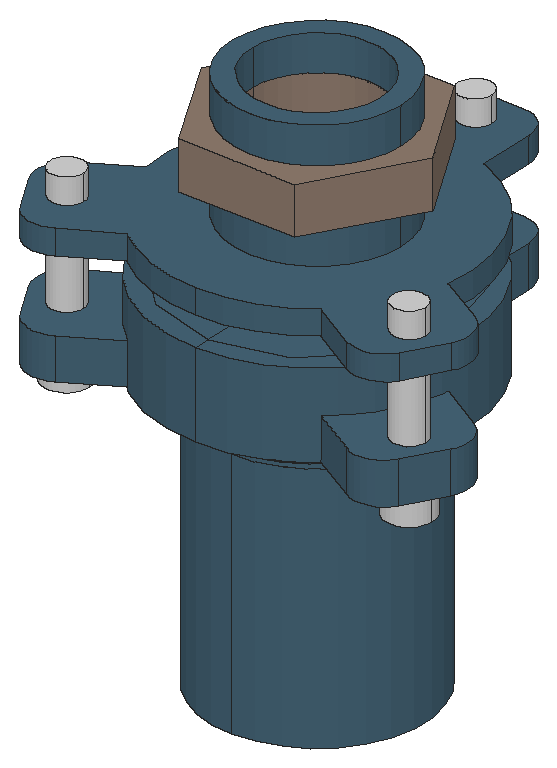
Revit family "Drain_Vertical_Expansion_Joint-Zurn-Z190", category Plumbing Fixtures, Revit 2022
Family settings
  Round Connector Dimension = Use Radius
  Part Type = Normal
  OmniClass Number = 23.45.55.21
  OmniClass Title = Drains (Wastes)
  Work Plane-Based = No
  Always vertical = Yes
  Cut with Voids When Loaded = No
  Maintain Annotation Orientation = No
  Shared = No
  Room Calculation Point = No
Parameters (values of type "Load Family Type Catalog")
  y [instance] = Nominal Diameter_A + 1.10236"  # 3.10236"
  x [instance] = Nominal Diameter_A + 0.55118"  # 2.55118"
  Waste Connection = 1 = 1  # yes
  WFU = 1  # constant formula
  Vent Connection = 1 = 0  # no
  URL = "www.zurn.com"
  Type Comments = "Z190-2 Inch-Threaded Outlet"
  Sleeve = Bronze - Zurn - Polished
  Screw = Stainless Steel_Zurn_Polished
  Product Installation Sheet = "https://files.zurn.com/care-cleaning-install-warranty-sheets/rd84.pdf"
  Outlet Connector [instance] = A1 + 0.276"  # 1.276"
  Modified Date = "11/21/2025"  # constant formula
  Manufacturer Brand = "Zurn"  # constant formula
  Main Material = Iron - Zurn - Cast - Painted - Blue
  Inlet Connector = Nominal Diameter_A / 2  # 1.000"
  Height B [instance] = if(and(Nominal Diameter_A = 2.000", Enter_Value_Range_of_Height_B > 8.500"), 8.500", if(and(Nominal Diameter_A = 2.000", Enter_Value_Range_of_Height_B < 6.500"), 6.500", if(and(Nominal Diameter_A = 3.000", Enter_Value_Range_of_Height_B > 8.500"), 8.500", if(and(Nominal Diameter_A = 3.000", Enter_Value_Range_of_Height_B < 6.500"), 6.500", if(and(Nominal Diameter_A = 4.000", Enter_Value_Range_of_Height_B > 8.500"), 8.500", if(and(Nominal Diameter_A = 4.000", Enter_Value_Range_of_Height_B < 6.500"), 6.500", if(and(Nominal Diameter_A = 6.000", Enter_Value_Range_of_Height_B > 8.625"), 8.625", if(and(Nominal Diameter_A = 6.000", Enter_Value_Range_of_Height_B < 6.875"), 6.875", if(and(Nominal Diameter_A = 8.000", Enter_Value_Range_of_Height_B > 10.875"), 10.875", if(and(Nominal Diameter_A = 8.000", Enter_Value_Range_of_Height_B < 7.875"), 7.875", if(and(Nominal Diameter_A = 10.000", Enter_Value_Range_of_Height_B > 10.875"), 10.875", if(and(Nominal Diameter_A = 10.000", Enter_Value_Range_of_Height_B < 7.875"), 7.875", Enter_Value_Range_of_Height_B))))))))))))  # 6.500"
  Product data url = "https://www.bimobject.com/en/zurnindustries/product/zurn-z190"
  Product Page URL = "https://www.zurn.com/products/drainage-interceptors/roof-drains/primary-roof-drains/z190"
  Product Documentation Link = "https://files.zurn.com/spec-sheets/z190.pdf"
  O1 = 1.37795"
  O = 2.35827"
  Model = "Z190"  # constant formula
  Manufacturer = "Zurn Water, LLC"  # constant formula
  L1 = 2.03937"
  L = 1.19685"
  K [instance] = Diameter F + 0.07874"  # 2.82874"
  I [instance] = Nominal Diameter_A - 1.41732"  # 0.58268"
  HWFU = 0  # constant formula
  HW Connection = 1 = 0  # no
  Enter_Value_Range_of_Height_B [instance] = 6.500"
  Diameter F [instance] = if(Nominal Diameter_A = 2.000", 2.750", if(Nominal Diameter_A = 3.000", 3.250", if(Nominal Diameter_A = 4.000", 3.750", if(Nominal Diameter_A = 6.000", 5.000", if(Nominal Diameter_A = 8.000", 6.000", if(Nominal Diameter_A = 10.000", 6.875", 6.000"))))))  # 2.750"
  Height D [instance] = if(Nominal Diameter_A = 2.000", 5.000", if(Nominal Diameter_A = 3.000", 5.000", if(Nominal Diameter_A = 4.000", 4.750", if(Nominal Diameter_A = 6.000", 5.000", if(Nominal Diameter_A = 8.000", 5.000", if(Nominal Diameter_A = 10.000", 6.000", 5.000"))))))  # 5.000"
  Description = "VERTICAL EXPANSION JOINT"  # constant formula
  Default Elevation = 25.000"  # constant formula
  Date Created = "11/13/2018"  # constant formula
  CWFU = 0  # constant formula
  CW Connection = 1 = 0  # no
  C1 [instance] = Diameter C / 2  # 1.8125"
  Diameter C [instance] = if(Nominal Diameter_A = 2.000", 3.625", if(Nominal Diameter_A = 3.000", 4.625", if(Nominal Diameter_A = 4.000", 5.500", if(Nominal Diameter_A = 6.000", 7.875", if(Nominal Diameter_A = 8.000", 9.875", if(Nominal Diameter_A = 10.000", 11.750", 9.000"))))))  # 3.625"
  Assembly Code = "D2040100"
  Approx.Wt. Lbs = "8"
  A3 [instance] = A1 - 0.23622"  # 0.76378"
  A2 [instance] = A1 + 0.27559"  # 1.27559"
  A1 [instance] = Nominal Diameter_A / 2  # 1.000"
  Nominal Diameter_A = 2.000"
  8 = no
  6 = no
  4 = no
  3 = no
  2 = yes
  10 = no
Reference planes (in)
  plane 1 "Center (Front/Back)": y = 0
  plane 2: z = 0
  plane 3 "Center (Left/Right)": x = 0
  plane 4: z = 1.5
  plane 5: z = -5
  plane 6: x = 2.03937
  plane 7: x = -2.03937
  plane 8: y = -1
  plane 9: y = 1
  plane 10: z = 0.71955
  plane 11: x = -1.27559
  plane 12: x = 1.27559
  plane 13: y = 1.27559
  plane 14: y = -1.27559
  plane 15: z = 0.29553
Forms (in)
  Sweep 1, solid, material "Iron - Zurn - Cast - Painted - Blue" <- "Main Material", detail levels fine
    path origin (0, 0, 0) x (0, 1, 0) y (0, 0, 1)
      loop
        line (0, -5) -> (0, -2.0148)
    profile origin (0, 0, -3.5074) x (0, -1, 0) y (1, 0, 0)
      loop
        circle (0, 0) r 1.27559
      loop
        circle (0, 0) r 1
  Sweep 2, solid, material "Iron - Zurn - Cast - Painted - Blue" <- "Main Material", detail levels fine
    path origin (0, 0, 0) x (0, 1, 0) y (0, 0, 1)
      loop
        line (0, 1.5) -> (0, -3.22265)
    profile origin (0, 0, -0.86132) x (1, 0, 0) y (0, 1, 0)
      loop
        circle (0, 0) r 1
      loop
        circle (0, 0) r 0.76378
  Revolve 3, solid, material "Iron - Zurn - Cast - Painted - Blue" <- "Main Material", detail levels fine
    sketch origin (0, 0, 0) x (0, 1, 0) y (0, 0, 1)
      loop
        line (1.8125, -0.6398) -> (1.625, -0.6398) -> (0.87463, -0.6398) -> (0.87463, -0.29452) -> (1.8125, -0.29452) -> (1.8125, 0) -> (0.87463, 0) -> (0.76378, 0) -> (0.76378, -0.7874) -> (1.625, -0.7874) -> (1.625, -1.6398) -> (1, -2.0148) -> (1, -2.11831) -> (1.27559, -2.11831) -> (1.27559, -1.96287) -> (1.8125, -1.65) -> (1.8125, -0.6398)
      axis (0, 0) -> (0, -2.11831)
    angle from 0 to 360
  Extrusion 4, solid, material "Iron - Zurn - Cast - Painted - Blue" <- "Main Material", detail levels fine
    sketch origin (0, 0, 0) x (1, 0, 0) y (0, 1, 0)
      loop
        line (-0.64919, 2.375) -> (-0.64919, 1.69225)
        arc (-0.64919, 1.69225) -> (-0.01276, 1.81246) -> (0.6253, 1.70122) r 1.8125
        line (0.6253, 1.70122) -> (0.6253, 2.375)
        arc (0.6253, 2.375) -> (0.51547, 2.64017) -> (0.2503, 2.75) r 0.375
        line (0.2503, 2.75) -> (-0.27419, 2.75)
        arc (-0.27419, 2.75) -> (-0.53935, 2.64017) -> (-0.64919, 2.375) r 0.375
    from -0.29452 to 0
  Extrusion 5, solid, material "Iron - Zurn - Cast - Painted - Blue" <- "Main Material", detail levels fine
    sketch origin (0, 0, 0) x (-0.5, -0.866025, 0) y (0.866025, -0.5, 0)
      loop
        line (-0.64919, 2.375) -> (-0.64919, 1.69225)
        arc (-0.64919, 1.69225) -> (-0.01276, 1.81246) -> (0.6253, 1.70122) r 1.8125
        line (0.6253, 1.70122) -> (0.6253, 2.375)
        arc (0.6253, 2.375) -> (0.51547, 2.64017) -> (0.2503, 2.75) r 0.375
        line (0.2503, 2.75) -> (-0.27419, 2.75)
        arc (-0.27419, 2.75) -> (-0.53935, 2.64017) -> (-0.64919, 2.375) r 0.375
    from -0.29452 to 0
  Extrusion 6, solid, material "Iron - Zurn - Cast - Painted - Blue" <- "Main Material", detail levels fine
    sketch origin (0, 0, 0) x (-0.5, 0.866025, 0) y (-0.866025, -0.5, 0)
      loop
        line (-0.64919, 2.375) -> (-0.64919, 1.69225)
        arc (-0.64919, 1.69225) -> (-0.01276, 1.81246) -> (0.6253, 1.70122) r 1.8125
        line (0.6253, 1.70122) -> (0.6253, 2.375)
        arc (0.6253, 2.375) -> (0.51547, 2.64017) -> (0.2503, 2.75) r 0.375
        line (0.2503, 2.75) -> (-0.27419, 2.75)
        arc (-0.27419, 2.75) -> (-0.53935, 2.64017) -> (-0.64919, 2.375) r 0.375
    from -0.29452 to 0
  Extrusion 7, solid, material "Iron - Zurn - Cast - Painted - Blue" <- "Main Material", detail levels fine
    sketch origin (0, 0, 0) x (1, 0, 0) y (0, 1, 0)
      loop
        line (0.2503, 2.75) -> (-0.27419, 2.75)
        arc (-0.27419, 2.75) -> (-0.53935, 2.64017) -> (-0.64919, 2.375) r 0.375
        line (-0.64919, 2.375) -> (-0.64919, 1.69225)
        arc (-0.64919, 1.69225) -> (-0.01276, 1.81246) -> (0.6253, 1.70122) r 1.8125
        line (0.6253, 1.70122) -> (0.6253, 2.375)
        arc (0.6253, 2.375) -> (0.51547, 2.64017) -> (0.2503, 2.75) r 0.375
    from -1.6398 to -1.1463
  Extrusion 8, solid, material "Iron - Zurn - Cast - Painted - Blue" <- "Main Material", detail levels fine
    sketch origin (0, 0, 0) x (-0.5, -0.866025, 0) y (0.866025, -0.5, 0)
      loop
        line (0.2503, 2.73262) -> (-0.27419, 2.73262)
        arc (-0.27419, 2.73262) -> (-0.53935, 2.62278) -> (-0.64919, 2.35762) r 0.375
        line (-0.64919, 2.35762) -> (-0.64919, 1.69225)
        arc (-0.64919, 1.69225) -> (-0.01276, 1.81246) -> (0.6253, 1.70122) r 1.8125
        line (0.6253, 1.70122) -> (0.6253, 2.35762)
        arc (0.6253, 2.35762) -> (0.51547, 2.62278) -> (0.2503, 2.73262) r 0.375
    from -1.6398 to -1.1463
  Extrusion 9, solid, material "Iron - Zurn - Cast - Painted - Blue" <- "Main Material", detail levels fine
    sketch origin (0, 0, 0) x (-0.5, 0.866025, 0) y (-0.866025, -0.5, 0)
      loop
        line (0.2503, 2.75) -> (-0.27419, 2.75)
        arc (-0.27419, 2.75) -> (-0.53935, 2.64017) -> (-0.64919, 2.375) r 0.375
        line (-0.64919, 2.375) -> (-0.64919, 1.69225)
        arc (-0.64919, 1.69225) -> (-0.01276, 1.81246) -> (0.6253, 1.70122) r 1.8125
        line (0.6253, 1.70122) -> (0.6253, 2.375)
        arc (0.6253, 2.375) -> (0.51547, 2.64017) -> (0.2503, 2.75) r 0.375
    from -1.6398 to -1.1463
  Extrusion 10, solid, material "Stainless Steel_Zurn_Polished" <- "Screw", detail levels fine
    sketch origin (0, 0, 0) x (1, 0, 0) y (0, 1, 0)
      loop
        circle (0, 2.3563) r 0.19685
      loop
        circle (2.0405, -1.17835) r 0.19685
      loop
        circle (-2.04061, -1.17815) r 0.19685
    from -1.1463 to 0.29553
  Extrusion 11, solid, material "Stainless Steel_Zurn_Polished" <- "Screw", detail levels fine
    sketch origin (0, 0, 0) x (1, 0, 0) y (0, 1, 0)
      loop
        circle (0, 2.3563) r 0.27884
      loop
        circle (-2.04061, -1.17815) r 0.27398
      loop
        circle (2.0405, -1.17835) r 0.27644
    from -1.96287 to -1.36493
Cuts and joins
  joined: Sweep 1, Revolve 3, Extrusion 4, Extrusion 5, Extrusion 6, Extrusion 7, Extrusion 8, Extrusion 9
Lines and regions (in)
  Masking region 1, detail levels fine
    outline origin (168, -25.52033, -5) x (0, -1, 0) y (1, 0, 0)
      loop
        line (-27.89533, -168.6487) -> (-27.21277, -168.6487)
        arc (-27.21277, -168.6487) -> (-26.41574, -169.57588) -> (-25.21125, -169.78595) r 1.8125
        line (-25.21125, -169.78595) -> (-24.87436, -170.36946)
        arc (-24.87436, -170.36946) -> (-24.64666, -170.54418) -> (-24.3621, -170.50672) r 0.375
        line (-24.3621, -170.50672) -> (-23.9083, -170.24472)
        arc (-23.9083, -170.24472) -> (-23.73358, -170.01702) -> (-23.77104, -169.73246) r 0.375
        line (-23.77104, -169.73246) -> (-24.11232, -169.14134)
        arc (-24.11232, -169.14134) -> (-23.70788, -167.9875) -> (-24.1282, -166.83935) r 1.8125
        line (-24.1282, -166.83935) -> (-23.79131, -166.25584)
        arc (-23.79131, -166.25584) -> (-23.75384, -165.97128) -> (-23.92857, -165.74358) r 0.375
        line (-23.92857, -165.74358) -> (-24.38236, -165.48158)
        arc (-24.38236, -165.48158) -> (-24.66692, -165.44412) -> (-24.89462, -165.61884) r 0.375
        line (-24.89462, -165.61884) -> (-25.23591, -166.20996)
        arc (-25.23591, -166.20996) -> (-26.43738, -166.43661) -> (-27.22156, -167.3747) r 1.8125
        line (-27.22156, -167.3747) -> (-27.89533, -167.3747)
        arc (-27.89533, -167.3747) -> (-28.1605, -167.48453) -> (-28.27033, -167.7497) r 0.375
        line (-28.27033, -167.7497) -> (-28.27033, -168.2737)
        arc (-28.27033, -168.2737) -> (-28.1605, -168.53886) -> (-27.89533, -168.6487) r 0.375
  reference lines
    curve 1: line (0, 0, 0) -> (-11.93342, -6.88976, 0)
  symbolic lines, detail levels fine
    curve 2: line (0, 0, -0.29452) -> (0, 1.55512, -0.29452)
  model lines, detail levels coarse+medium
    curve 3: line (0, 0, 1.5) -> (0, 0, -5)
    curve 4: line (-1.27559, 0, -5) -> (1.27559, 0, -5)
    curve 5: line (0, 1.27559, -5) -> (0, -1.27559, -5)
    curve 6: line (-1, 0, 1.5) -> (1, 0, 1.5)
    curve 7: line (0, 1, 1.5) -> (0, -1, 1.5)
Dimensions and locks (in)
  "Height D": level to plane 5
  plane 4 to plane 5 = 6.500"
  locked: level to Sweep 1 sketch curve at 2.0148
  locked: level to Sweep 2 sketch curve at 3.22265
  locked: level to Revolve 3 sketch curve at 0.6398
  locked: level to Revolve 3 sketch curve at 2.11831
  locked: level to Revolve 3 sketch curve at 2.0148
  locked: level to Revolve 3 sketch curve at 1.6398
  locked: level to Revolve 3 sketch curve at 1.65
  "C1": plane 1 "Center (Front/Back)" to Revolve 3 sketch curve  (x2)
  locked: Revolve 3 sketch curve to Revolve 3 sketch curve at 0.1875
  "A1": plane 1 "Center (Front/Back)" to Revolve 3 sketch curve
  locked: Revolve 3 sketch curve to Revolve 3 sketch curve at 0.27559
  "A3": plane 1 "Center (Front/Back)" to Revolve 3 sketch curve
  locked: level to Revolve 3 sketch curve at 0.29452
  locked: Revolve 3 sketch curve to Revolve 3 sketch curve at 0.11085
  "Diameter F": plane 1 "Center (Front/Back)" to Extrusion 4 sketch curve
  "Diameter F": curve 1 to Extrusion 6 sketch curve
  "Diameter F": curve 1 to Extrusion 5 sketch curve
  cut or joined group of Sweep 1, Revolve 3, Extrusion 4, Extrusion 5, Extrusion 6, Extrusion 7, Extrusion 8, Extrusion 9 to curve 1 = 2.750"  (x2)
  "Diameter F": Extrusion 9 sketch curve to curve 1
  plane 1 "Center (Front/Back)" to cut or joined group of Sweep 1, Revolve 3, Extrusion 4, Extrusion 5, Extrusion 6, Extrusion 7, Extrusion 8, Extrusion 9 = 2.750"  (x2)
  "Diameter F": plane 1 "Center (Front/Back)" to Extrusion 7 sketch curve
  locked: cut or joined group of Sweep 1, Revolve 3, Extrusion 4, Extrusion 5, Extrusion 6, Extrusion 7, Extrusion 8, Extrusion 9 to Extrusion 10 sketch curve at 0.3937  (x3)
  locked: cut or joined group of Sweep 1, Revolve 3, Extrusion 4, Extrusion 5, Extrusion 6, Extrusion 7, Extrusion 8, Extrusion 9 to Extrusion 11 sketch curve at 0.3937  (x3)
  plane 2 to cut or joined group of Sweep 1, Revolve 3, Extrusion 4, Extrusion 5, Extrusion 6, Extrusion 7, Extrusion 8, Extrusion 9 = 0.29452"
  "L1": plane 3 "Center (Left/Right)" to plane 7
  "L1": plane 6 to plane 3 "Center (Left/Right)"
  "Height B": plane 4 to plane 5
  "A1": plane 9 to plane 1 "Center (Front/Back)"
  "A1": plane 1 "Center (Front/Back)" to plane 8
  "A2": plane 13 to plane 1 "Center (Front/Back)"
  "A2": plane 1 "Center (Front/Back)" to plane 14
  "A2": plane 11 to plane 3 "Center (Left/Right)"
  "A2": plane 3 "Center (Left/Right)" to plane 12
  cut or joined group of Sweep 1, Revolve 3, Extrusion 4, Extrusion 5, Extrusion 6, Extrusion 7, Extrusion 8, Extrusion 9 to cut or joined group of Sweep 1, Revolve 3, Extrusion 4, Extrusion 5, Extrusion 6, Extrusion 7, Extrusion 8, Extrusion 9 = 1.27449"  (x2)
  "Diameter F": Masking region 1 sketch curve to plane 1 "Center (Front/Back)"
  "Diameter F": Masking region 1 sketch curve to curve 3  (x2)
  locked: Masking region 1 sketch curve to cut or joined group of Sweep 1, Revolve 3, Extrusion 4, Extrusion 5, Extrusion 6, Extrusion 7, Extrusion 8, Extrusion 9 at 1.274
  locked: cut or joined group of Sweep 1, Revolve 3, Extrusion 4, Extrusion 5, Extrusion 6, Extrusion 7, Extrusion 8, Extrusion 9 to cut or joined group of Sweep 1, Revolve 3, Extrusion 4, Extrusion 5, Extrusion 6, Extrusion 7, Extrusion 8, Extrusion 9 at 1.27449
  locked: Masking region 1 sketch curve to Masking region 1 sketch curve at 1.274
  locked: cut or joined group of Sweep 1, Revolve 3, Extrusion 4, Extrusion 5, Extrusion 6, Extrusion 7, Extrusion 8, Extrusion 9 to Masking region 1 sketch curve at 1.274
  locked: cut or joined group of Sweep 1, Revolve 3, Extrusion 4, Extrusion 5, Extrusion 6, Extrusion 7, Extrusion 8, Extrusion 9 to Masking region 1 sketch curve at 0.375  (x6)
  locked: cut or joined group of Sweep 1, Revolve 3, Extrusion 4, Extrusion 5, Extrusion 6, Extrusion 7, Extrusion 8, Extrusion 9 to Masking region 1 sketch curve at 0.37549  (x2)
  "A1": radius of Sweep 1 sketch curve
  "A2": radius of Sweep 1 sketch curve
  "A1": radius of Sweep 2 sketch curve
  "A3": radius of Sweep 2 sketch curve
  "C1": radius of Extrusion 4 sketch curve
  "C1": radius of Extrusion 5 sketch curve
  "C1": radius of Extrusion 6 sketch curve
  "C1": radius of Extrusion 7 sketch curve
  "C1": radius of Extrusion 8 sketch curve
  "C1": radius of Extrusion 9 sketch curve
  "C1": radius of Masking region 1 sketch curve  (x3)
  locked: plane 1 "Center (Front/Back)" to curve 1 (angle 30.00°)
  locked: Extrusion 6 sketch curve to curve 1 (angle 90.00°)
  angle curve 1 to Extrusion 6 sketch curve = 90.00°
  locked: cut or joined group of Sweep 1, Revolve 3, Extrusion 4, Extrusion 5, Extrusion 6, Extrusion 7, Extrusion 8, Extrusion 9 to curve 1 (angle 90.00°)
  locked: Extrusion 9 sketch curve to curve 1 (angle 90.00°)
  angle Masking region 1 sketch curve to cut or joined group of Sweep 1, Revolve 3, Extrusion 4, Extrusion 5, Extrusion 6, Extrusion 7, Extrusion 8, Extrusion 9 = 90.00°  (x3)
  locked: Masking region 1 sketch curve to cut or joined group of Sweep 1, Revolve 3, Extrusion 4, Extrusion 5, Extrusion 6, Extrusion 7, Extrusion 8, Extrusion 9 (angle 90.00°)
  aligned and locked: level to plane 2
  aligned and locked: plane 5 to Sweep 1 sketch curve
  aligned and locked: Sweep 1 sketch curve to plane 1 "Center (Front/Back)"
  aligned and locked: plane 4 to Sweep 2 sketch curve
  aligned and locked: plane 1 "Center (Front/Back)" to Sweep 2 sketch curve
  aligned and locked: plane 3 "Center (Left/Right)" to Extrusion 4 sketch curve
  aligned and locked: plane 3 "Center (Left/Right)" to Extrusion 10 sketch curve
  aligned and locked: curve 1 to Extrusion 10 sketch curve
  aligned and locked: plane 3 "Center (Left/Right)" to Extrusion 11 sketch curve
  aligned and locked: curve 1 to Extrusion 11 sketch curve
  aligned and locked: plane 3 "Center (Left/Right)" to nested 2
  aligned and locked: plane 1 "Center (Front/Back)" to nested 2
  aligned and locked: plane 4 to curve 3
  aligned and locked: plane 5 to curve 3
  aligned and locked: curve 3 to plane 1 "Center (Front/Back)"
  aligned and locked: plane 11 to curve 4
  aligned and locked: plane 12 to curve 4
  aligned and locked: plane 1 "Center (Front/Back)" to curve 4
  aligned and locked: plane 13 to curve 5
  aligned and locked: plane 14 to curve 5
  aligned and locked: curve 5 to plane 5
  aligned and locked: Masking region 1 sketch curve to cut or joined group of Sweep 1, Revolve 3, Extrusion 4, Extrusion 5, Extrusion 6, Extrusion 7, Extrusion 8, Extrusion 9  (x2)
  aligned and locked: plane 3 "Center (Left/Right)" to Masking region 1 sketch curve  (x3)
  aligned and locked: plane 1 "Center (Front/Back)" to Masking region 1 sketch curve  (x2)
  aligned and locked: plane 15 to Extrusion 10
  aligned and locked: curve 6 to Sweep 2
  aligned and locked: plane 9 to curve 7
  aligned and locked: plane 8 to curve 7
  aligned and locked: curve 7 to plane 4
Automatic sketch dimensions
  curve 2 to plane 1 "Center (Front/Back)" = 0.000"
  curve 2 to level = 0.29452"
  curve 2 to plane 13 = 0.27953"
  plane 1 "Center (Front/Back)" to curve 1 = 0.000"
  curve 1 to plane 3 "Center (Left/Right)" = 0.000"
  plane 6 to Extrusion 10 sketch curve = 0.00113"
  plane 6 to Extrusion 11 sketch curve = 0.00113"
  plane 11 to curve 6 = 0.27559"
  curve 6 to plane 12 = 0.27559"
  Sweep 1 sketch curve to Sweep 1 sketch curve = 0.000"  (x2)
  Sweep 1 sketch curve to plane 3 "Center (Left/Right)" = 0.000"
  Sweep 1 sketch curve to profile plane = 0.000"
  Sweep 2 sketch curve to Sweep 2 sketch curve = 0.000"  (x2)
  Sweep 2 sketch curve to plane 3 "Center (Left/Right)" = 0.000"
  profile plane to Sweep 2 sketch curve = 0.000"
  Revolve 3 sketch curve to plane 1 "Center (Front/Back)" = 0.000"
  Revolve 3 sketch curve to level = 0.000"  (x2)
  Revolve 3 sketch curve to Revolve 3 sketch curve = 0.11085"
  Revolve 3 sketch curve to Revolve 3 sketch curve = 0.000"
  Revolve 3 sketch curve to Revolve 3 sketch curve = 0.15544"
  Revolve 3 sketch curve to Revolve 3 sketch curve = 0.14761"
  Revolve 3 sketch curve to level = 0.59055"
  plane 1 "Center (Front/Back)" to Extrusion 4 sketch curve = 0.000"
  Extrusion 4 sketch curve to plane 3 "Center (Left/Right)" = 0.27419"
  Extrusion 4 sketch curve to Extrusion 4 sketch curve = 0.375"  (x2)
  plane 3 "Center (Left/Right)" to Extrusion 4 sketch curve = 0.2503"
  plane 1 "Center (Front/Back)" to Extrusion 5 sketch curve = 0.000"
  Extrusion 5 sketch curve to plane 3 "Center (Left/Right)" = 0.000"
  Extrusion 5 sketch curve to Extrusion 5 sketch curve = 0.27419"
  Extrusion 5 sketch curve to Extrusion 5 sketch curve = 0.375"  (x2)
  Extrusion 5 sketch curve to Extrusion 5 sketch curve = 0.52449"
  plane 1 "Center (Front/Back)" to Extrusion 6 sketch curve = 0.000"
  Extrusion 6 sketch curve to plane 3 "Center (Left/Right)" = 0.000"
  Extrusion 6 sketch curve to Extrusion 6 sketch curve = 0.27419"
  Extrusion 6 sketch curve to Extrusion 6 sketch curve = 0.375"  (x2)
  Extrusion 6 sketch curve to Extrusion 6 sketch curve = 0.52449"
  plane 1 "Center (Front/Back)" to Extrusion 8 sketch curve = 0.000"
  Extrusion 8 sketch curve to plane 3 "Center (Left/Right)" = 0.000"
  Extrusion 8 sketch curve to Extrusion 8 sketch curve = 0.27419"
  Extrusion 8 sketch curve to Extrusion 8 sketch curve = 0.375"  (x2)
  Extrusion 8 sketch curve to Extrusion 8 sketch curve = 0.52449"
  Extrusion 8 sketch curve to Extrusion 8 sketch curve = 0.6564"
  plane 1 "Center (Front/Back)" to Extrusion 9 sketch curve = 0.000"
  Extrusion 9 sketch curve to plane 3 "Center (Left/Right)" = 0.000"
  Extrusion 9 sketch curve to Extrusion 9 sketch curve = 0.27419"
  Extrusion 9 sketch curve to Extrusion 9 sketch curve = 0.375"  (x2)
  Extrusion 9 sketch curve to Extrusion 9 sketch curve = 0.52449"
  Masking region 1 sketch curve to Masking region 1 sketch curve = 0.000"
  Masking region 1 sketch curve to Masking region 1 sketch curve = 0.375"  (x2)
  plane 1 "Center (Front/Back)" to Extrusion 7 sketch curve = 0.000"
  Extrusion 7 sketch curve to plane 3 "Center (Left/Right)" = 0.000"
  Extrusion 7 sketch curve to plane 3 "Center (Left/Right)" = 0.27419"
  Extrusion 7 sketch curve to Extrusion 7 sketch curve = 0.375"  (x2)
  plane 3 "Center (Left/Right)" to Extrusion 7 sketch curve = 0.2503"
  radius of Extrusion 10 sketch curve = 0.19685"  (x3)
  radius of Extrusion 11 sketch curve = 0.27884"
  radius of Extrusion 11 sketch curve = 0.27398"
  radius of Extrusion 11 sketch curve = 0.27644"
Nested families (in)
  nested 1: "Nut" at (0, 0, 0), Cap <- "Sleeve", type "02"", detail levels fine
    with Cap Bronze - Zurn - Polished
  nested 2: "Detail Item Fine" at (0, 0, 0), type "Detail Item Fine"
Connectors (in)
  piping at (0, 0, 1.5), diameter 2, driven by "Inlet Connector", driven by "Waste Connection"
    settings: on Sweep 2, index 1, connector inside diameter 609.6 mm, connector length 0.000", flow factor 0, pipe flow 0.0 L/s, pressure drop 0.0 Pa, fitting loss kfactor 0, connector angle 0.00°, fixture units 0, engagement length 0.000", angle of deflection 0.00°, flow configuration 0, flow direction 2, fitting loss method 0, system type 16, joint type 0, gender type 0, connector reference index -1, connector utility 1, adjustable connector no, is connector primary yes, connector description "Outlet Connection"
  piping at (0, 0, -5), diameter 2.552, driven by "Outlet Connector", driven by "Waste Connection"
    settings: on cut or joined group of Sweep 1, Revolve 3, Extrusion 4, Extrusion 5, Extrusion 6, Extrusion 7, Extrusion 8, Extrusion 9, index 2, connector inside diameter 609.6 mm, connector length 0.000", flow factor 0, pipe flow 0.0 L/s, pressure drop 0.0 Pa, fitting loss kfactor 0, connector angle 0.00°, fixture units 0, engagement length 0.000", angle of deflection 0.00°, flow configuration 0, flow direction 1, fitting loss method 0, system type 16, joint type 0, gender type 0, connector reference index -1, connector utility 1, adjustable connector no, is connector primary no, connector description "Inlet Connection"
Definition of nested family "Nut"
  Parameters (values of type "02"")
    y = A + 1.10236"  # 3.10236"
    x = A + 0.55118"  # 2.55118"
    K = F + 0.07874"  # 2.83071"
    I = A - 1.41732"  # 0.58268"
    F = if(A = 2.000", 2.75197", if(A = 3.000", 3.25197", if(A = 4.000", 3.75197", if(A = 6.000", 5.000", if(A = 8.000", 6.000", if(A = 10.000", 6.87402", 6.000"))))))  # 2.75197"
    Default Elevation = 0.000"
    D = if(A = 2.000", 5.000", if(A = 3.000", 5.000", if(A = 4.000", 4.75197", if(A = 6.000", 5.000", if(A = 8.000", 5.000", if(A = 10.000", 6.000", 5.000"))))))  # 5.000"
    Cap [instance] = none
    C1 = C / 2  # 1.81299"
    C = if(A = 2.000", 3.62598", if(A = 3.000", 4.62598", if(A = 4.000", 5.500", if(A = 6.000", 7.87402", if(A = 8.000", 9.87402", if(A = 10.000", 11.75197", 9.000"))))))  # 3.62598"
    B = if(A = 2.000", 6.500", if(A = 3.000", 6.500", if(A = 4.000", 6.500", if(A = 6.000", 6.87402", if(A = 8.000", 7.87402", if(A = 10.000", 7.87402", 7.000"))))))  # 6.500"
    A3 = A1 - 0.23622"  # 0.76378"
    A2 = A1 + 0.27559"  # 1.27559"
    A1 = A / 2  # 1.000"
    A = 2.000"
    8 = no
    6 = no
    4 = no
    3 = no
    2 = yes
    10 = no
  Reference planes (in)
    plane 1 "Center (Front/Back)": y = 0
    plane 2: z = 0
    plane 3 "Center (Left/Right)": x = 0
    plane 4: z = 1.5
    plane 5: z = -5
  Forms (in)
    Extrusion 1, solid, material <- "Cap", visible <- "4", detail levels fine
      sketch origin (0, 0, 0) x (1, 0, 0) y (0, 1, 0)
        loop
          circle (0, 0) r 1.76378
        loop
          line (2.55906, 0) -> (1.27953, 2.21621) -> (-1.27953, 2.21621) -> (-2.55906, 0) -> (-1.27953, -2.21621) -> (1.27953, -2.21621) -> (2.55906, 0)
      from 0.51121 to 1.07382
    Extrusion 2, solid, material <- "Cap", visible <- "2", detail levels fine
      sketch origin (0, 0, 0) x (1, 0, 0) y (0, 1, 0)
        loop
          circle (0, 0) r 0.76378
        loop
          line (1.37795, 0) -> (0.68898, 1.19334) -> (-0.68898, 1.19334) -> (-1.37795, 0) -> (-0.68898, -1.19334) -> (0.68898, -1.19334) -> (1.37795, 0)
      from 0.51121 to 1.07382
    Extrusion 3, solid, material <- "Cap", visible <- "3", detail levels fine
      sketch origin (0, 0, 0) x (1, 0, 0) y (0, 1, 0)
        loop
          circle (0, 0) r 1.26378
        loop
          line (1.9685, 0) -> (0.98425, 1.70477) -> (-0.98425, 1.70477) -> (-1.9685, 0) -> (-0.98425, -1.70477) -> (0.98425, -1.70477) -> (1.9685, 0)
      from 0.51121 to 1.07382
    Extrusion 4, solid, material <- "Cap", visible <- "6", detail levels fine
      sketch origin (0, 0, 0) x (1, 0, 0) y (0, 1, 0)
        loop
          circle (0, 0) r 2.76378
        loop
          line (3.74016, 0) -> (1.87008, 3.23907) -> (-1.87008, 3.23907) -> (-3.74016, 0) -> (-1.87008, -3.23907) -> (1.87008, -3.23907) -> (3.74016, 0)
      from 0.51121 to 1.07382
    Extrusion 5, solid, material <- "Cap", visible <- "8", detail levels fine
      sketch origin (0, 0, 0) x (1, 0, 0) y (0, 1, 0)
        loop
          circle (0, 0) r 3.76378
        loop
          line (4.72441, 0) -> (2.3622, 4.09146) -> (-2.3622, 4.09146) -> (-4.72441, 0) -> (-2.3622, -4.09146) -> (2.3622, -4.09146) -> (4.72441, 0)
      from 0.51121 to 1.07382
    Extrusion 6, solid, material <- "Cap", visible <- "10", detail levels fine
      sketch origin (0, 0, 0) x (1, 0, 0) y (0, 1, 0)
        loop
          circle (0, 0) r 4.76378
        loop
          line (5.87598, 0) -> (2.93799, 5.08875) -> (-2.93799, 5.08875) -> (-5.87598, 0) -> (-2.93799, -5.08875) -> (2.93799, -5.08875) -> (5.87598, 0)
      from 0.51121 to 1.07382
  Lines and regions (in)
    reference lines
      curve 1: line (0, 0, 0) -> (-11.93342, -6.88976, 0)
  Dimensions and locks (in)
    "D": level to plane 5
    "B": plane 4 to plane 5
    locked: plane 1 "Center (Front/Back)" to curve 1 (angle 30.00°)
    aligned and locked: level to plane 2
  Automatic sketch dimensions
    plane 1 "Center (Front/Back)" to curve 1 = 0.000"
    curve 1 to plane 3 "Center (Left/Right)" = 0.000"
    plane 1 "Center (Front/Back)" to Extrusion 1 sketch curve = 0.000"
    Extrusion 1 sketch curve to plane 3 "Center (Left/Right)" = 0.000"
    plane 1 "Center (Front/Back)" to Extrusion 2 sketch curve = 0.000"
    Extrusion 2 sketch curve to plane 3 "Center (Left/Right)" = 0.000"
    plane 1 "Center (Front/Back)" to Extrusion 3 sketch curve = 0.000"
    Extrusion 3 sketch curve to plane 3 "Center (Left/Right)" = 0.000"
    plane 1 "Center (Front/Back)" to Extrusion 4 sketch curve = 0.000"
    Extrusion 4 sketch curve to plane 3 "Center (Left/Right)" = 0.000"
    plane 1 "Center (Front/Back)" to Extrusion 5 sketch curve = 0.000"
    Extrusion 5 sketch curve to plane 3 "Center (Left/Right)" = 0.000"
    plane 1 "Center (Front/Back)" to Extrusion 6 sketch curve = 0.000"
    Extrusion 6 sketch curve to plane 3 "Center (Left/Right)" = 0.000"
    radius of Extrusion 1 sketch curve = 1.76378"
    radius of Extrusion 2 sketch curve = 0.76378"
    radius of Extrusion 3 sketch curve = 1.26378"
    radius of Extrusion 4 sketch curve = 2.76378"
    radius of Extrusion 5 sketch curve = 3.76378"
    radius of Extrusion 6 sketch curve = 4.76378"
Definition of nested family "Detail Item Fine"
  Parameters (values of type "Detail Item Fine")
    8 = no
    6 = no
    4 = yes
    3 = no
    2 = no
    10 = no
  Reference planes (in)
    plane 1 "Center (Front/Back)": y = 0
    plane 2: z = 0
    plane 3 "Center (Left/Right)": x = 0
Types in the file's own list only (7): name | Screw | Product Installation Sheet | Inlet Connector | Product data url | Product Page URL | Product Documentation Link | O1 | O | L1 | L | Default Elevation | Nominal Diameter_A | 8 | 6 | 4 | 3 | 2 | 10 | Approx.Wt. Lbs | Type Comments
  ZRB190-10IP | Stainless Steel_Zurn_Polished | "https://files.zurn.com/care-cleaning-install-warranty-sheets/rd84.pdf" | 5.000 " | "https://www.bimobject.com/en/zurnindustries/product/zurn-z190" | "https://www.zurn.com/products/drainage-interceptors/roof-drains/primary-roof-drains/z190" | "https://files.zurn.com/spec-sheets/z190.pdf" | 5.874 " | 6.480 " | 5.610 " | 5.089 " | 25.000 " | 10.000 " | No | No | No | No | No | Yes |  | 
  ZRB190-8IP | Stainless Steel_Zurn_Polished | "https://files.zurn.com/care-cleaning-install-warranty-sheets/rd84.pdf" | 4.000 " | "https://www.bimobject.com/en/zurnindustries/product/zurn-z190" | "https://www.zurn.com/products/drainage-interceptors/roof-drains/primary-roof-drains/z190" | "https://files.zurn.com/spec-sheets/z190.pdf" | 4.724 " | 5.606 " | 4.853 " | 5.089 " | 25.000 " | 8.000 " | Yes | No | No | No | No | No |  | 
  ZRB190-6IP | Stainless Steel_Zurn_Polished | "https://files.zurn.com/care-cleaning-install-warranty-sheets/rd84.pdf" | 3.000 " | "https://www.bimobject.com/en/zurnindustries/product/zurn-z190" | "https://www.zurn.com/products/drainage-interceptors/roof-drains/primary-roof-drains/z190" | "https://files.zurn.com/spec-sheets/z190.pdf" | 4.724 " | 4.606 " | 3.988 " | 3.240 " | 25.000 " | 6.000 " | No | Yes | No | No | No | No | "25" | 
  ZRB190-4IP | Stainless Steel_Zurn_Polished | "https://files.zurn.com/care-cleaning-install-warranty-sheets/rd84.pdf" | 2.000 " | "https://www.bimobject.com/en/zurnindustries/product/zurn-z190" | "https://www.zurn.com/products/drainage-interceptors/roof-drains/primary-roof-drains/z190" | "https://files.zurn.com/spec-sheets/z190.pdf" | 2.559 " | 3.358 " | 2.906 " | 2.217 " | 25.000 " | 4.000 " | No | No | Yes | No | No | No |  | 
  ZRB190-3IP | Steel - Zurn - Stainless - Type |  | 1.500 " | "https://bimobject.com/zurnindustries/product/zurn-z190" | "http://www.zurn.com/products/building-drainage/roof-drains/primary/z190" | "http://www.zurn.com/media-library/web_documents/pdfs/specsheets/58833-pdf" | 1.969 " | 2.858 " | 2.480 " | 1.705 " | 25.000 " | 3.000 " | No | No | No | Yes | No | No |  | 
  ZRB190-2IP | Stainless Steel_Zurn_Polished | "https://files.zurn.com/care-cleaning-install-warranty-sheets/rd84.pdf" | 1.000 " | "https://www.bimobject.com/en/zurnindustries/product/zurn-z190" | "https://www.zurn.com/products/drainage-interceptors/roof-drains/primary-roof-drains/z190" | "https://files.zurn.com/spec-sheets/z190.pdf" | 1.378 " | 2.358 " | 2.039 " | 1.197 " | 25.000 " | 2.000 " | No | No | No | No | Yes | No | "8" | "Z190-2 Inch-Threaded Outlet"
  ZRB190-2NH | Stainless Steel_Zurn_Polished | "https://files.zurn.com/care-cleaning-install-warranty-sheets/rd84.pdf" | 1.000 " | "https://www.bimobject.com/en/zurnindustries/product/zurn-z190" | "https://www.zurn.com/products/drainage-interceptors/roof-drains/primary-roof-drains/z190" | "https://files.zurn.com/spec-sheets/z190.pdf" | 1.378 " | 2.358 " | 2.039 " | 1.197 " | 25.000 " | 2.000 " | No | No | No | No | Yes | No | "8" | "Z190-2 Inch-Threaded Outlet"
